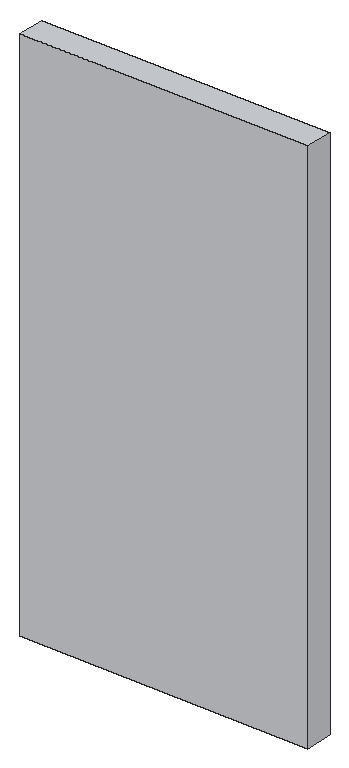
Revit family "Lighting_Fixture-Wall-Astro-Bergamo600", category Lighting Fixtures, host Face, Revit 2014
Parameters (values of type "Type 1")
  Width = 600.00 mm
  Weight = "1.4 kg"
  Wattage Comments = "15.4W"
  Wattage = 9.2903 W
  Wall Bracket Material = Astro - Steel - Chrome Finish
  built-in parameter 1150110 = 1 (stored number, unit not read)
  Voltage = 230 V
  URL = "www.astrolighting.co.uk"
  Type Comments = "- Can be mounted vertically or horizontally\r\n - Includes internal electronic driver"
  built-in parameter 1114217 = 1 (stored number, unit not read)
  Tilt Angle = 90.00°
  built-in parameter 1150109 = 1 (stored number, unit not read)
  built-in parameter 1150134 = 3
  built-in parameter 1150113 = 1 (stored number, unit not read)
  Suitable for bathroom zone = "Zones 2, 3"
  Product Documentation = "http://www.astrolighting.co.uk/products\r\n/kw/bergamo/0893_Bergamo-600"
  Photometric Web File = "0893 BERGAMO 600.ies"
  Number of Poles = 1
  Mountable on normally flammable surfaces = "Yes"
  Model = "0893 Bergamo 600"
  Manufacturer = "Astro Lighting Ltd, CM20 2DP"
  built-in parameter 1150105 = 109.82 (stored number, unit not read)
  Lumens = 1380 lm
  Luminaire Lamp Efficiency Rating = "A"
  built-in parameter 1150115 = 1 (stored number, unit not read)
  Light Source From Wall = 44.00 mm
  Light Source Elevation = 1600.00 mm
  built-in parameter 1150137 = (empty or 0)
  built-in parameter 1150139 = (empty or 0)
  Length = 53.00 mm
  Lamp included = "No"
  built-in parameter 1150112 = 1 (stored number, unit not read)
  built-in parameter 1150114 = 1 (stored number, unit not read)
  Lamp = "LED"
  built-in parameter 1150132 = (empty or 0)
  built-in parameter 1150102 = (empty or 0)
  built-in parameter 1150107 = 3200 (stored number, unit not read)
  built-in parameter 1150138 = (empty or 0)
  built-in parameter 1150106 = 1.0982 (stored number, unit not read)
  IP Rating = "IP44"
  Height = 55.00 mm
  Energy Efficiency Rating = "-"
  End Casing Material = Astro - Zinc - Chrome Finish
  Emit from Rectangle Width = 55.00 mm
  Emit from Rectangle Length = 550.00 mm
  Emit Shape Visible in Rendering = no
  built-in parameter 1150104 = 13.8 (stored number, unit not read)
  Dimming Lamp Color Temperature Shift = <None>
  Dimmable = "No"
  Description = "Mirror Light"
  Default Elevation [instance] = 1700.00 mm
  Color Filter = 16777215
  Class = 2
  Front Casing Material = Astro - Aluminium - Chrome Finish
  Manufacturer Contact = "01279 427001"
  built-in parameter 1114218 = 1 (stored number, unit not read)
  built-in parameter 1150133 = 10 (stored number, unit not read)
  Assembly Code = "D5020200"
  Apparent Load = 17.96 VA
Reference planes
  plane 1: y = -75
  plane 2 "Light Source Axis (L/R)": x = 125
  plane 3 "Light Source Axis (F/R)": y = 44
  plane 4 "Light Source Elevation": z = 1600
  plane 5: y = -150
  plane 6 "Center (Elevation)": z = 1600
  plane 7: z = 0
  plane 8 "Top": z = 1627.5
  plane 9 "Bottom": z = 1572.5
  plane 10 "Left": x = 425
  plane 11 "Right": x = -175
  plane 12 "Front": y = 53
  plane 13: y = 0
  plane 14: y = 35
Forms (mm)
  Extrusion 1, solid
    sketch origin (140, -140, 1860) x (0, 0, -1) y (1, 0, 0)
      loop
        line (-1500, -800) -> (1500, -800) -> (1500, 800) -> (-1500, 800) -> (-1500, -800)
    from -140 to 10
  Sweep 2, solid, material "Astro - Steel - Chrome Finish" <- "Wall Bracket Material"
    path origin (-8600, 35, 1663.309) x (0, 0, 1) y (-1, 0, 0)
      loop
        line (-37.809, -8847) -> (-37.809, -8603)
        arc (-37.809, -8603) -> (-38.688, -8600.879) -> (-40.809, -8600) r 3
        line (-40.809, -8600) -> (-79.809, -8600)
        arc (-79.809, -8600) -> (-81.931, -8600.879) -> (-82.809, -8603) r 3
        line (-82.809, -8603) -> (-82.809, -8847)
        arc (-82.809, -8847) -> (-81.931, -8849.121) -> (-79.809, -8850) r 3
        line (-79.809, -8850) -> (-40.809, -8850)
        arc (-40.809, -8850) -> (-38.688, -8849.121) -> (-37.809, -8847) r 3
    profile origin (125, 35, 1625.5) x (0, 0, -1) y (0, -1, 0)
      loop
        line (2, 35) -> (0, 35) -> (0, 2)
        arc (0, 2) -> (0.586, 0.586) -> (2, 0) r 2
        line (2, 0) -> (2, 35)
  Extrusion 3, solid, material "Astro - Zinc - Chrome Finish" <- "End Casing Material"
    sketch origin (1573.638, 225, 1600) x (1, 0, 0) y (0, 1, 0)
      loop
        line (-1748.638, -172) -> (-1748.638, -190) -> (-1733.638, -190) -> (-1733.638, -186.5) -> (-1723.772, -186.5)
        arc (-1723.772, -186.5) -> (-1723.254, -186.18) -> (-1723.458, -185.605) r 0.485
        arc (-1723.458, -185.605) -> (-1726.038, -181) -> (-1723.458, -176.395) r 5.4
        arc (-1723.458, -176.395) -> (-1723.254, -175.82) -> (-1723.772, -175.5) r 0.485
        line (-1723.772, -175.5) -> (-1733.638, -175.5) -> (-1733.638, -172) -> (-1748.638, -172)
      loop
        line (-1148.638, -190) -> (-1148.638, -172) -> (-1163.638, -172) -> (-1163.638, -175.5) -> (-1173.504, -175.5)
        arc (-1173.504, -175.5) -> (-1174.023, -175.82) -> (-1173.819, -176.395) r 0.485
        arc (-1173.819, -176.395) -> (-1171.238, -181) -> (-1173.819, -185.605) r 5.4
        arc (-1173.819, -185.605) -> (-1174.023, -186.18) -> (-1173.504, -186.5) r 0.485
        line (-1173.504, -186.5) -> (-1163.638, -186.5) -> (-1163.638, -190) -> (-1148.638, -190)
    from -27.5 to 27.5
  Extrusion 4, solid, material "Astro - Aluminium - Chrome Finish" <- "Front Casing Material"
    sketch origin (-8600, 35, 1663.309) x (0, 0, 1) y (-1, 0, 0)
      loop
        line (-35.809, -9010) -> (-35.809, -8440) -> (-90.809, -8440) -> (-90.809, -9010) -> (-35.809, -9010)
    from -18 to -14.5
  Extrusion 5, solid, material "Astro - Aluminium - Chrome Finish" <- "Front Casing Material"
    sketch origin (-8600, 21, 1663.309) x (0, 0, 1) y (-1, 0, 0)
      loop
        line (-35.809, -9010) -> (-35.809, -8440) -> (-90.809, -8440) -> (-90.809, -9010) -> (-35.809, -9010)
    from -17.5 to -14
  Extrusion 6, solid, material "Astro - Polycarbonate - White"
    sketch origin (1573.638, 225, 1600) x (1, 0, 0) y (0, 1, 0)
      loop
        arc (-1723.711, -175.496) -> (-1723.244, -175.849) -> (-1723.458, -176.395) r 0.485
        arc (-1723.458, -176.395) -> (-1726.038, -181) -> (-1723.458, -185.605) r 5.4
        arc (-1723.458, -185.605) -> (-1723.244, -186.151) -> (-1723.711, -186.504) r 0.485
        line (-1723.711, -186.504) -> (-1173.566, -186.504)
        arc (-1173.566, -186.504) -> (-1174.032, -186.151) -> (-1173.819, -185.605) r 0.485
        arc (-1173.819, -185.605) -> (-1171.238, -181) -> (-1173.819, -176.395) r 5.4
        arc (-1173.819, -176.395) -> (-1174.032, -175.849) -> (-1173.566, -175.496) r 0.485
        line (-1173.566, -175.496) -> (-1723.711, -175.496)
    from 25.5 to 27.5
  Extrusion 7, solid, material "Astro - Polycarbonate - White"
    sketch origin (1573.638, 225, 1547) x (1, 0, 0) y (0, 1, 0)
      loop
        arc (-1723.711, -175.496) -> (-1723.244, -175.849) -> (-1723.458, -176.395) r 0.485
        arc (-1723.458, -176.395) -> (-1726.038, -181) -> (-1723.458, -185.605) r 5.4
        arc (-1723.458, -185.605) -> (-1723.244, -186.151) -> (-1723.711, -186.504) r 0.485
        line (-1723.711, -186.504) -> (-1173.566, -186.504)
        arc (-1173.566, -186.504) -> (-1174.032, -186.151) -> (-1173.819, -185.605) r 0.485
        arc (-1173.819, -185.605) -> (-1171.238, -181) -> (-1173.819, -176.395) r 5.4
        arc (-1173.819, -176.395) -> (-1174.032, -175.849) -> (-1173.566, -175.496) r 0.485
        line (-1173.566, -175.496) -> (-1723.711, -175.496)
    from 25.5 to 27.5
  Extrusion 8, solid, not visible
    sketch origin (0, 53, 0) x (-1, 0, 0) y (0, 0, 1)
      loop
        circle (-47, 1600) r 8
    from -53 to -48.744
  Extrusion 9, solid, material "Astro - Steel - Chrome Finish" <- "Wall Bracket Material"
    sketch origin (0, 53, 0) x (-1, 0, 0) y (0, 0, 1)
      loop
        line (-3, 1625.5) -> (-247, 1625.5)
        arc (-247, 1625.5) -> (-249.121, 1624.621) -> (-250, 1622.5) r 3
        line (-250, 1622.5) -> (-250, 1583.5)
        arc (-250, 1583.5) -> (-249.121, 1581.379) -> (-247, 1580.5) r 3
        line (-247, 1580.5) -> (-3, 1580.5)
        arc (-3, 1580.5) -> (-0.879, 1581.379) -> (0, 1583.5) r 3
        line (0, 1583.5) -> (0, 1622.5)
        arc (0, 1622.5) -> (-0.879, 1624.621) -> (-3, 1625.5) r 3
      loop
        circle (-47, 1600) r 8
    from -53 to -51.043
Cuts and joins
  joined: Sweep 2, Extrusion 9
Text (mm)
  text "Placement side" at (-1787.139, 1116.779, 0), in view "Ref. Level"
  text "Placement side" at (0, 2110.396, 2986.058), in view "Left"
  text "Placement side" at (0, 628.478, 3011.967), in view "Right"
Dimensions and locks
  equal spacing: plane 9 "Bottom", plane 6 "Center (Elevation)", plane 8 "Top"
  "Height": plane 9 "Bottom" to plane 8 "Top"
  equal spacing: plane 11 "Right", plane 2 "Light Source Axis (L/R)", plane 10 "Left"
  "Width": plane 11 "Right" to plane 10 "Left"
  locked: plane 1 to plane 13 at 75
  "Length": plane 12 "Front" to plane 13
  "Light Source From Wall": plane 3 "Light Source Axis (F/R)" to plane 13
  "Light Source Elevation": plane 7 to plane 4 "Light Source Elevation"
  locked: plane 12 "Front" to plane 14 at 18
  equal spacing: Sweep 2 sketch curve, plane 2 "Light Source Axis (L/R)", Sweep 2 sketch curve
  locked: Sweep 2 sketch curve to Sweep 2 sketch curve at 250
  locked: profile plane to Sweep 2 sketch curve at 35
  locked: profile plane to Sweep 2 sketch curve at 2
  equal spacing: plane 12 "Front", Extrusion 3 sketch curve, plane 14
  plane 12 "Front" to plane 14 = 18.00 mm  (x2)
  locked: plane 14 to Extrusion 3 sketch curve at 3.5
  locked: Extrusion 3 sketch curve to plane 12 "Front" at 3.5
  locked: Extrusion 3 sketch curve to plane 14 at 3.5
  locked: plane 12 "Front" to Extrusion 3 sketch curve at 3.5
  locked: Extrusion 4 sketch curve to plane 10 "Left" at 15
  locked: Extrusion 4 sketch curve to plane 11 "Right" at 15
  locked: Extrusion 4 to plane 12 "Front" at 3.5
  locked: Extrusion 5 to plane 14 at 3.5
  locked: Extrusion 5 sketch curve to plane 10 "Left" at 15
  locked: Extrusion 5 sketch curve to plane 11 "Right" at 15
  equal spacing: plane 12 "Front", Extrusion 6 sketch curve, plane 14
  locked: Extrusion 6 to plane 8 "Top" at 2
  locked: plane 9 "Bottom" to Extrusion 7 at 2
  locked: Extrusion 7 sketch curve to plane 12 "Front" at 3.496
  locked: Extrusion 7 sketch curve to plane 14 at 3.496
  Extrusion 7 sketch curve to plane 2 "Light Source Axis (L/R)" to Extrusion 7 sketch curve = 272.00 mm locked, 272.00 mm locked
  Extrusion 9 sketch curve to plane 2 "Light Source Axis (L/R)" to Extrusion 9 sketch curve = 125.00 mm locked, 125.00 mm locked
  Extrusion 3 sketch curve to plane 12 "Front" = 3.50 mm
  plane 14 to Extrusion 3 sketch curve = 3.50 mm
  Extrusion 3 sketch curve to plane 2 "Light Source Axis (L/R)" to Extrusion 3 sketch curve = 272.00 mm locked, 272.00 mm locked
  locked: Extrusion 3 sketch curve to plane 10 "Left" at 15  (x2)
  locked: plane 11 "Right" to Extrusion 3 sketch curve at 15  (x2)
  Extrusion 6 sketch curve to plane 2 "Light Source Axis (L/R)" to Extrusion 6 sketch curve = 272.00 mm locked, 272.00 mm locked
  plane 12 "Front" to plane 3 "Light Source Axis (F/R)" to Extrusion 5 = 9.00 mm, 5.50 mm
  locked: plane 8 "Top" to Sweep 2 sketch curve at 2
  locked: Sweep 2 sketch curve to plane 9 "Bottom" at 8
  locked: plane 8 "Top" to Extrusion 9 sketch curve at 2
  locked: Extrusion 9 sketch curve to plane 9 "Bottom" at 8
  locked: Extrusion 9 sketch curve to Extrusion 9 sketch curve at 47
  locked: cut or joined group of Sweep 2, Extrusion 9 to Extrusion 8 sketch curve at 47
  aligned and locked: Sweep 2 sketch curve to profile plane
  aligned and locked: Extrusion 3 sketch curve to plane 12 "Front"
  aligned and locked: Extrusion 3 sketch curve to plane 14
  aligned and locked: Extrusion 3 to plane 9 "Bottom"
  aligned and locked: plane 8 "Top" to Extrusion 3
  aligned and locked: plane 8 "Top" to Extrusion 4 sketch curve
  aligned and locked: Extrusion 4 sketch curve to plane 9 "Bottom"
  aligned and locked: plane 12 "Front" to Extrusion 4
  aligned and locked: plane 14 to Extrusion 5
  aligned and locked: plane 8 "Top" to Extrusion 5 sketch curve
  aligned and locked: Extrusion 5 sketch curve to plane 9 "Bottom"
  aligned and locked: plane 8 "Top" to Extrusion 6
  aligned and locked: Extrusion 7 to plane 9 "Bottom"
  aligned and locked: plane 6 "Center (Elevation)" to Extrusion 8 sketch curve
  aligned and locked: Extrusion 8 to plane 13
  aligned and locked: plane 6 "Center (Elevation)" to Extrusion 9 sketch curve
  aligned and locked: Extrusion 9 to plane 13
  aligned and locked: Extrusion 3 sketch curve to plane 10 "Left"
  aligned and locked: Extrusion 3 sketch curve to plane 11 "Right"
  aligned and locked: imposter light to plane 3 "Light Source Axis (F/R)"
  aligned and locked: Extrusion 1 to plane 13
  aligned and locked: plane 5 to Extrusion 1
  aligned and locked: plane 6 "Center (Elevation)" to imposter light
  aligned and locked: imposter light to plane 2 "Light Source Axis (L/R)"
Automatic sketch dimensions
  Sweep 2 sketch curve to Sweep 2 sketch curve = 3.00 mm  (x3)
  Sweep 2 sketch curve to plane 6 "Center (Elevation)" = 16.50 mm
  Sweep 2 sketch curve to plane 14 = 0.00 mm
  Extrusion 3 sketch curve to plane 12 "Front" = 0.00 mm
  plane 14 to Extrusion 3 sketch curve = 0.00 mm
  Extrusion 3 sketch curve to Extrusion 3 sketch curve = 9.866 mm
  Extrusion 3 sketch curve to Extrusion 3 sketch curve = 0.061 mm  (x4)
  Extrusion 3 sketch curve to Extrusion 3 sketch curve = 3.073 mm  (x2)
  Extrusion 3 sketch curve to Extrusion 3 sketch curve = 0.481 mm  (x3)
  Extrusion 3 sketch curve to plane 12 "Front" = 3.981 mm
  Extrusion 3 sketch curve to Extrusion 3 sketch curve = 0.00 mm  (x2)
  Extrusion 3 sketch curve to Extrusion 3 sketch curve = 3.134 mm
  Extrusion 3 sketch curve to Extrusion 3 sketch curve = 5.019 mm
  Extrusion 6 sketch curve to plane 14 = 3.981 mm
  Extrusion 6 sketch curve to Extrusion 6 sketch curve = 3.073 mm  (x4)
  Extrusion 6 sketch curve to plane 14 = 3.496 mm
  Extrusion 6 sketch curve to Extrusion 6 sketch curve = 0.485 mm  (x2)
  Extrusion 6 sketch curve to plane 12 "Front" = 3.981 mm
  Extrusion 6 sketch curve to Extrusion 6 sketch curve = 0.00 mm  (x3)
  Extrusion 6 sketch curve to Extrusion 6 sketch curve = 0.253 mm
  Extrusion 7 sketch curve to Extrusion 7 sketch curve = 0.00 mm  (x3)
  Extrusion 7 sketch curve to Extrusion 7 sketch curve = 3.073 mm  (x3)
  Extrusion 7 sketch curve to plane 12 "Front" = 9.00 mm
  Extrusion 7 sketch curve to Extrusion 7 sketch curve = 0.485 mm  (x4)
  Extrusion 7 sketch curve to Extrusion 7 sketch curve = 5.019 mm
  Extrusion 9 sketch curve to Extrusion 9 sketch curve = 3.00 mm  (x4)
  Extrusion 1 sketch curve to Extrusion 1 sketch curve = 3000.00 mm
  Extrusion 1 sketch curve to Extrusion 1 sketch curve = 1600.00 mm
  radius of Extrusion 8 sketch curve = 8.00 mm
  radius of Extrusion 9 sketch curve = 8.00 mm
Connectors
  electrical at (47, 0, 1600), driven by "Number of Poles", driven by "Voltage", driven by "Apparent Load"
    settings: on cut or joined group of Sweep 2, Extrusion 9, index 1, voltage 230 V, apparent load 0 VA, apparent load phase1 17.96 VA, apparent load phase2 0 VA, apparent load phase3 0 VA, power factor 1, load classification "Other", number of poles 1, system type 31, power factor state 1, is connector primary yes, connector utility no, sub classification motor no, connector description ""
